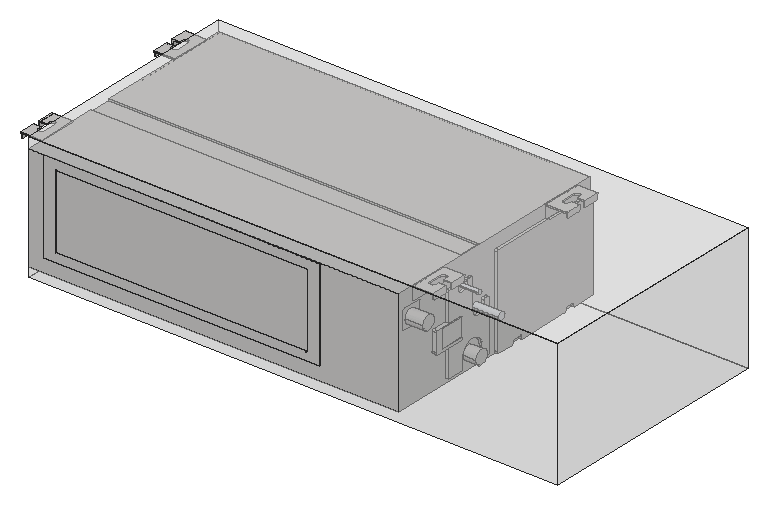
Revit family "outputfile", category 機械設備, Revit 2024
Family settings
  丸型コネクタ寸法 = 半径を使用
  パーツ タイプ = 標準
  OmniClass 番号 = 23.75.10.24.21.27.27
  OmniClass タイトル = Split System Air Conditioning Units
  作業面ベース = いいえ
  常に垂直 = はい
  ロード時にボイドで切り取り = いいえ
  注釈の向きを維持 = いいえ
  共有 = いいえ
  部屋計算ポイント = はい
Parameters (values of type "FPDAQ20APVM")
  Description = ""
  製造元 = "Daikin"
  書き出し IFC クラス(タイプ) = "IfcUnitaryEquipmentType"
  定義済み IFC タイプ(タイプ) = "AIRCONDITIONINGUNIT"
  Cost = 0
  モデル = "FPDAQ20APVM"
  Type Comments = ""
  Keynote = ""
  Type Image = (empty or 0)
  Assembly Code = ""
  lw_suctionflange = 36.75 mm  # constant formula
  r_Liquid Pipe Size = Liquid Pipe Size / 2  # 3.2 mm
  r_Gas Pipe Size = Gas Pipe Size / 2  # 6.35 mm
  r_Drain Pipe Size = Drain Pipe Size / 2  # 13.0 mm
  lw_dischargeflange = 60.0 mm  # constant formula
  lw_SA_left = 351.0 mm
  lw_SA = Width - 178.0 mm  # 522.0 mm
  lw_RA = 624.5 mm
  lh_suctionflange [instance] = if(Rear Connection_Return Air, -100.0 mm, -10.0 mm)  # -100.0 mm
  lh_power = 100.0 mm  # constant formula
  lh_mountinghole1 = lh_mountinghole  # 200.0 mm
  lh_dischargeflange = 112.0 mm  # constant formula
  lh_RA = 198.0 mm  # constant formula
  ld_dischargeflange = 225.0 mm  # constant formula
  ld_suctionflange [instance] = if(Rear Connection_Return Air, 190.0 mm, 100.0 mm)  # 190.0 mm
  angle_vertical_RA [instance] = if(Rear Connection_Return Air, 90.00°, 0.00°)  # 90.00°
  angle horizontal_RA [instance] = if(Rear Connection_Return Air, 180.00°, 270.00°)  # 180.00°
  Voltage_comment_60Hz = "220-230"
  Voltage_comment_50Hz = "220 - 240"
  Voltage_60Hz = 220 V
  Voltage_50Hz = 230 V
  URL = ""
  Supply Air Direction [instance] = yes
  Sound Power Level_H speed (dB) = 0
  Rear Connection_Return Air [instance] = not(Bottom Connection_Return Air)  # yes
  ld_RA = 190.0 mm  # constant formula
  Phase_60Hz = 1
  Phase_50Hz = 1
  Minimum External Static Pressure = 0.00 Pa
  Minimum Circuit Amps_60Hz = 0.38 A
  Minimum Circuit Amps_50Hz = 0.38 A
  Maximum Fuse Amps_60Hz = 16.0 A
  Maximum Fuse Amps_50Hz = 16.0 A
  Maximum External Static Pressure = 10.00 Pa
  Material_Casing = DAIKIN_GalvanizedSteel_Casing_indoorunit
  lw_mountinghole = 740.0 mm
  lh_gaspipe = -98.0 mm  # constant formula
  lh_mountinghole = 200.0 mm  # constant formula
  lh_liquidpipe = -45.5 mm  # constant formula
  lh_drainpipe = -50.0 mm  # constant formula
  lh_antena = 1.0 mm  # constant formula
  ld_drainpipe = 197.0 mm  # constant formula
  ld_liquidpipe = 84.0 mm  # constant formula
  ld_gaspipe = 46.5 mm  # constant formula
  ld_mountinghole = 315.0 mm  # constant formula
  h*** = 100.0 mm  # constant formula
  lw_liquidpipe = 40.0 mm  # constant formula
  lw_gaspipe = 51.0 mm  # constant formula
  lw_drainpipe = 33.0 mm  # constant formula
  Width = 700.0 mm
  Version = "ver.1.0"
  Unit Type = "3D Air Flow Ceiling Mounted Duct Type"
  Unit Mass Weight = 17.00 kg
  Unit Designation [instance] = ""
  Uniclass2015Version = "Products v1.30"
  Uniclass2015Title = "Variable refrigerant flow units"
  Uniclass2015Code = "Pr_70_65_03_94"
  Total Cooling Capacity [instance] = 0.000 kW
  Sound Pressure Level_M speed (dBA) = 27
  Sound Pressure Level_L speed (dBA) = 24
  Sound Pressure Level_H speed (dBA) = 31
  Series = "VRV HOME_Fan Coil Unit"
  Sensible Cooling Capacity [instance] = 0.000 kW
  SA Duct Size Width = 456.0 mm
  SA Duct Size Height = 141.0 mm
  Refrigerant Type = "R410A"
  RA Duct Size Width = 598.5 mm
  RA Duct Size Height = 172.0 mm
  Power Input (Cooling) = 0.028 kW
  Option Accessory 3 [instance] = ""
  Option Accessory 2 [instance] = ""
  Option Accessory 1 [instance] = ""
  Nominal Cooling Capacity = 2.200 kW
  Minimum Airflow = 390.00 m³/h
  Median Airflow = 456.00 m³/h
  Maximum Airflow = 522.00 m³/h
  Load Classification = HVAC
  Liquid Pipe Size = 6.4 mm
  Link_Nested Family [instance] = ""
  IfcVersion = ""
  IfcExportType = "AIRCONDITIONINGUNIT"
  IfcExportAs = "IfcUnitaryEquipmentType"
  Height = 200.0 mm
  Heat Exchanger Type = "Cross Fin Coil"
  Gas Pipe Size = 12.7 mm
  Frequency_60Hz = 60 Hz
  Frequency_50Hz = 50 Hz
  Fan Type = "Sirocco Fan"
  Fan Drive = "Direct Drive"
  FCU Tag No. [instance] = ""
  Drain Pipe Size = 26.0 mm
  Design Supply Airflow [instance] = 0.00 m³/h
  Design Return Airflow [instance] = 0.00 m³/h
  Design External Static Pressure [instance] = 0.00 Pa
  Depth = 450.0 mm
  既定の高さ = 0.0 mm
  Cooling Entering Wet Bulb Temperature [instance] = 0.00 °C
  Cooling Entering Dry Bulb Temperature [instance] = 0.00 °C
  Cooling Ambient Wet Bulb Temperature [instance] = 0.00 °C
  Cooling Ambient Dry Bulb Temperature [instance] = 0.00 °C
  Clearance visibility [instance] = yes
  Clearance Top = 20.0 mm
  Clearance Right = 300.0 mm
  Clearance Rear = 0.0 mm
  Clearance Left = 0.0 mm
  Clearance Front = 0.0 mm
  Clearance Bottom = 20.0 mm
  Bottom Connection_Return Air [instance] = no
  left_pipe = no
Reference planes
  plane 1 "Center (Front/Back)": y = 0
  plane 2 "h": z = 0
  plane 3 "Center (Left/Right)": x = 0
  plane 4 "Back": y = 225
  plane 5 "Front": y = -225
  plane 6 "Left": x = -350
  plane 7 "Reight": x = 350
  plane 8 "Top": z = 0
  plane 9 "Bottom": z = -200
  plane 10: z = 1.2
  plane 11: z = -2
  plane 12: y = -136.255
  plane 13: z = -130.998
  plane 14: y = -88.831
  plane 15: x = -370
  plane 16 "lh_mountinghole": z = 0
  plane 17: y = -197
  plane 18: z = -50
  plane 19: y = -157.5
  plane 20: y = 157.5
  plane 21 "ld_liquidpipe": y = -84
  plane 22 "ld_gaspipe": y = -46.5
  plane 23: y = -215
  plane 24 "ld_maintenacesocket": y = -197
  plane 25: x = -370
  plane 26: x = -350
  plane 27: x = 348.7
  plane 28: x = 383
  plane 29: x = 357
  plane 30: x = 360
  plane 31: x = 358
  plane 32: x = 370
  plane 33: y = -62
  plane 34: x = 375.5
  plane 35: x = 348
  plane 36: y = 225
  plane 37: y = -225
  plane 38: x = -350
  plane 39: x = 650
  plane 40: z = 20
  plane 41: z = -220
  plane 42: y = 250
  plane 43: z = -198
  plane 44: z = 205.102
  plane 45 "d_liquid_pipe": x = 390
  plane 46 "d_gas_pipe": x = 401
  plane 47 "ld_SA": y = -225
  plane 48: x = -350
  plane 49: x = -60
  plane 50: y = 415
  plane 51: z = -88
  plane 52: z = -189.5
  plane 53: x = -349
  plane 54: z = -199
  plane 55: z = -1
  plane 56: y = 35
  plane 57: y = 25
  plane 58: z = -10
  plane 59 "RA_width": x = -36.75
  plane 60: y = 125
  plane 61 "RA_depth": y = 35
  plane 62: z = -100
  plane 63: x = -349
  plane 64: y = 224
  plane 65: x = 242.57
  plane 66: z = -31.16
  plane 67: x = 302
  plane 68: y = 158.8
  plane 69 "h86.5": z = -113.5
  plane 70: y = 111
Forms (mm)
  Extrusion 1, solid, material "DAIKIN_GalvanizedSteel_Casing_indoorunit" <- "Material_Casing"
    sketch origin (0, 0, 0) x (1, 0, 0) y (0, 1, 0)
      loop
        line (-350, 225) -> (-350, -225) -> (350, -225) -> (350, 225) -> (-350, 225)
    from -200 to 0
  Extrusion 2, solid, material "DAIKIN_GalvanizedSteel_Casing_indoorunit" <- "Material_Casing"
    sketch origin (0, 0.312, 0) x (0, 1, 0) y (0, 0, 1)
      loop
        line (182.791, -198) -> (224.688, -198) -> (224.688, -22.445) -> (195.656, -22.445) -> (192.165, -25.937) -> (122.336, -25.937) -> (118.844, -22.445) -> (1.633, -22.445)
        arc (1.633, -22.445) -> (-0.483, -23.322) -> (-1.36, -25.438) r 2.993
        line (-1.36, -25.438) -> (-1.36, -195.007)
        arc (-1.36, -195.007) -> (-0.483, -197.123) -> (1.633, -198) r 2.993
        line (1.633, -198) -> (31.061, -198)
        arc (31.061, -198) -> (33.177, -197.124) -> (34.053, -195.008) r 2.992
        line (34.053, -195.008) -> (34.053, -188.29)
        arc (34.053, -188.29) -> (35.55, -186.794) -> (37.046, -188.29) r 1.496
        line (37.046, -188.29) -> (37.046, -190.333) -> (52.01, -190.333) -> (52.01, -188.29)
        arc (52.01, -188.29) -> (53.506, -186.794) -> (55.002, -188.29) r 1.496
        line (55.002, -188.29) -> (55.002, -195.007)
        arc (55.002, -195.007) -> (55.879, -197.123) -> (57.995, -198) r 2.993
        line (57.995, -198) -> (155.756, -198)
        arc (155.756, -198) -> (157.872, -197.123) -> (158.749, -195.007) r 2.993
        line (158.749, -195.007) -> (158.749, -188.29)
        arc (158.749, -188.29) -> (160.245, -186.794) -> (161.741, -188.29) r 1.496
        line (161.741, -188.29) -> (161.741, -190.333) -> (176.705, -190.333) -> (176.705, -188.29)
        arc (176.705, -188.29) -> (178.201, -186.794) -> (179.697, -188.29) r 1.496
        line (179.697, -188.29) -> (179.697, -195.005)
        arc (179.697, -195.005) -> (180.571, -197.115) -> (182.682, -197.989) r 2.984
      loop
        arc (-61.313, -42.952) -> (-62.034, -41.571) -> (-63.466, -40.958) r 2.32
        line (-63.466, -40.958) -> (-70.317, -40.958)
        arc (-70.317, -40.958) -> (-71.728, -41.542) -> (-72.313, -42.953) r 1.995
        line (-72.313, -42.953) -> (-72.313, -45.5)
        arc (-72.313, -45.5) -> (-84.313, -57.5) -> (-96.313, -45.5) r 12
        line (-96.313, -45.5) -> (-96.313, -42.953)
        arc (-96.313, -42.953) -> (-96.897, -41.542) -> (-98.308, -40.958) r 1.995
        line (-98.308, -40.958) -> (-115.14, -40.958)
        arc (-115.14, -40.958) -> (-116.551, -41.542) -> (-117.135, -42.953) r 1.995
        line (-117.135, -42.953) -> (-117.135, -189.5) -> (-22.307, -189.5) -> (-22.307, -92.768)
        arc (-22.307, -92.768) -> (-22.891, -91.358) -> (-24.302, -90.773) r 1.995
        line (-24.302, -90.773) -> (-30.318, -90.773)
        arc (-30.318, -90.773) -> (-31.728, -91.358) -> (-32.313, -92.768) r 1.995
        line (-32.313, -92.768) -> (-32.313, -99.963)
        arc (-32.313, -99.963) -> (-47.621, -112.774) -> (-61.313, -98.249) r 14.551
        line (-61.313, -98.249) -> (-61.313, -42.952)
    from 350 to 357
  Extrusion 3, solid, material "DAIKIN_GalvanizedSteel_Casing_indoorunit" <- "Material_Casing"
    sketch origin (0, 0, 0) x (0, 1, 0) y (0, 0, 1)
      loop
        line (-91.821, -94.277) -> (-145.472, -94.277)
        arc (-145.472, -94.277) -> (-147.727, -95.07) -> (-148.682, -97.262) r 2.993
        line (-148.682, -97.262) -> (-148.682, -131.007)
        arc (-148.682, -131.007) -> (-147.871, -133.233) -> (-145.694, -134.172) r 2.993
        line (-145.694, -134.172) -> (-92.043, -134.172)
        arc (-92.043, -134.172) -> (-89.788, -133.378) -> (-88.833, -131.187) r 2.993
        line (-88.833, -131.187) -> (-88.831, -97.148)
        arc (-88.831, -97.148) -> (-89.748, -95.111) -> (-91.821, -94.277) r 2.993
    from 350 to 360
  Extrusion 4, void
    sketch origin (0, 0, 0) x (1, 0, 0) y (0, 1, 0)
      loop
        line (348.7, -35.647) -> (-350, -35.647) -> (-350, -77.912) -> (348.7, -77.912) -> (348.7, -35.647)
    from -2 to 0
  Extrusion 5, void
    sketch origin (0, 0, 0) x (0, 1, 0) y (0, 0, 1)
      loop
        line (-136.255, -95.719) -> (-136.255, -130.724) -> (-88.831, -130.724) -> (-88.831, -95.719) -> (-136.255, -95.719)
    from 358 to 360
  Extrusion 6, void
    sketch origin (0, 0, 29.537) x (0, 1, 0) y (0, 0, 1)
      loop
        arc (-37.558, -199.001) -> (-61.998, -174.561) -> (-86.438, -199.001) r 24.44
        line (-86.438, -199.001) -> (-86.438, -219.037) -> (-37.558, -219.037) -> (-37.558, -199.001)
    from 357 to 350
  Extrusion 7, solid, material "DAIKIN_GalvanizedSteel_Casing_indoorunit" <- "Material_Casing"
    sketch origin (0, 0, 0) x (0, 1, 0) y (0, 0, 1)
      loop
        circle (-62, -170) r 12.968
    from 350 to 375.5
  Extrusion 8, solid, material "DAIKIN_GalvanizedSteel_Casing_indoorunit" <- "Material_Casing"
    sketch origin (0, 0, 0) x (0, 1, 0) y (0, 0, 1)
      loop
        circle (-197, -50) r 13
    from 348 to 383
  Extrusion 9, void
    sketch origin (0, 0, 0) x (0, 1, 0) y (0, 0, 1)
      loop
        arc (-212.961, -29.051) -> (-216.488, -30.512) -> (-217.949, -34.039) r 4.988
        line (-217.949, -34.039) -> (-217.949, -63.961)
        arc (-217.949, -63.961) -> (-216.488, -67.488) -> (-212.961, -68.949) r 4.988
        line (-212.961, -68.949) -> (-181.039, -68.949)
        arc (-181.039, -68.949) -> (-177.512, -67.488) -> (-176.051, -63.961) r 4.988
        line (-176.051, -63.961) -> (-176.051, -34.039)
        arc (-176.051, -34.039) -> (-177.512, -30.512) -> (-181.039, -29.051) r 4.988
        line (-181.039, -29.051) -> (-212.961, -29.051)
    from 348 to 350
  Extrusion 10, solid
    sketch origin (0, 0, 0) x (0, 1, 0) y (0, 0, 1)
      loop
        circle (-84, -45.5) r 3.2
    from 350 to 390
  Extrusion 11, solid
    sketch origin (0, 0, 0) x (0, 1, 0) y (0, 0, 1)
      loop
        circle (-46.5, -98) r 6.35
    from 350 to 401
  Extrusion 12, solid, material "DAIKIN_GalvanizedSteel_Casing_indoorunit" <- "Material_Casing"
    sketch origin (0, 0, 0) x (1, 0, 0) y (0, 1, 0)
      loop
        circle (302, 158.8) r 25
    from -198 to -200
  Extrusion 13, void
    sketch origin (0, 0, 0) x (1, 0, 0) y (0, 0, 1)
      loop
        line (-349, -1) -> (-349, -199) -> (262.5, -199) -> (262.5, -1) -> (-349, -1)
    from -225 to -35
  Extrusion 14, void
    sketch origin (0, 0, 0) x (1, 0, 0) y (0, 1, 0)
      loop
        line (-349, 224) -> (-349, 26) -> (262.5, 26) -> (262.5, 224) -> (-349, 224)
    from -200 to -10
  Extrusion 15, solid, material "DAIKIN_GalvanizedSteel_Casing_indoorunit" <- "Material_Casing", visible <- "Rear Connection_Return Air"
    sketch origin (0, 0, 0) x (1, 0, 0) y (0, 1, 0)
      loop
        line (262.5, 224) -> (-349, 224) -> (-349, 26) -> (262.5, 26) -> (262.5, 224)
    from -200 to -199
  Extrusion 16, solid, material "DAIKIN_GalvanizedSteel_Casing_indoorunit" <- "Material_Casing", visible <- "Bottom Connection_Return Air"
    sketch origin (0, 0, 0) x (1, 0, 0) y (0, 0, 1)
      loop
        line (262.5, -1) -> (-349, -1) -> (-349, -199) -> (262.5, -199) -> (262.5, -1)
    from -225 to -215
  Extrusion 17, void
    sketch origin (-350, 0, 0) x (0, 1, 0) y (0, 0, 1)
      loop
        line (152, -88.5) -> (70, -88.5) -> (70, -138.5) -> (152, -138.5) -> (152, -88.5)
    from 0 to 0.5
  Revolve 18, solid, material "DAIKIN_GalvanizedSteel_Casing_indoorunit" <- "Material_Casing", visible <- "left_pipe"
    sketch origin (0, 0, -113.5) x (0, 1, 0) y (-1, 0, 0)
      loop
        line (111, 349.5) -> (111, 373) -> (103.5, 373) -> (103.5, 359) -> (93.5, 359) -> (93.5, 357.5) -> (90, 357.5) -> (90, 349.5) -> (111, 349.5)
      axis (111, 373) -> (111, 349.5)
    angle from 0 to 360
Cuts and joins
  Extrusion 4, Extrusion 5, Extrusion 9, Extrusion 13, Extrusion 14, Extrusion 17 cuts Extrusion 1
  Extrusion 5 cuts Extrusion 3
  Extrusion 6 cuts Extrusion 2
  Extrusion 13 cuts Extrusion 8
Dimensions and locks
  "Height": plane 8 "Top" to plane 9 "Bottom"
  locked: plane 10 to plane 8 "Top" at 1.2
  locked: plane 8 "Top" to plane 11 at 2
  locked: Extrusion 6 sketch curve to Extrusion 6 sketch curve at 48.881
  locked: Extrusion 6 sketch curve to Extrusion 6 sketch curve at 20.035  (x2)
  equal spacing: plane 19, plane 1 "Center (Front/Back)", plane 20
  "ld_mountinghole": plane 19 to plane 20
  "ld_gaspipe": plane 22 "ld_gaspipe" to plane 1 "Center (Front/Back)"
  "ld_liquidpipe": plane 21 "ld_liquidpipe" to plane 1 "Center (Front/Back)"
  "ld_drainpipe": plane 24 "ld_maintenacesocket" to plane 1 "Center (Front/Back)"
  equal spacing: plane 4 "Back", plane 1 "Center (Front/Back)", plane 5 "Front"
  "Depth": plane 4 "Back" to plane 5 "Front"
  locked: plane 12 to plane 1 "Center (Front/Back)" at 136.255
  locked: plane 12 to plane 14 at 47.425
  locked: plane 14 to plane 1 "Center (Front/Back)" at 88.831
  locked: plane 13 to plane 9 "Bottom" at 69.002
  equal spacing: plane 6 "Left", plane 3 "Center (Left/Right)", plane 7 "Reight"
  "Width": plane 6 "Left" to plane 7 "Reight"
  "lw_drainpipe": plane 7 "Reight" to plane 28
  locked: plane 7 "Reight" to plane 29 at 7
  locked: plane 30 to plane 28 at 23
  locked: plane 31 to plane 28 at 25
  equal spacing: plane 25, plane 3 "Center (Left/Right)", plane 32
  "lw_mountinghole": plane 25 to plane 32
  locked: plane 7 "Reight" to plane 34 at 25.5
  locked: plane 35 to plane 7 "Reight" at 2
  "Clearance Left": plane 38 to plane 6 "Left"
  "Clearance Right": plane 7 "Reight" to plane 39
  "Clearance Rear": plane 36 to plane 4 "Back"
  "Clearance Front": plane 5 "Front" to plane 37
  "Clearance Top": plane 40 to plane 8 "Top"
  "Clearance Bottom": plane 9 "Bottom" to plane 41
  locked: plane 42 to plane 4 "Back" at 25
  locked: plane 27 to plane 7 "Reight" at 1.3
  locked: plane 43 to plane 9 "Bottom" at 2
  "lw_liquidpipe": plane 7 "Reight" to plane 45 "d_liquid_pipe"
  "lw_gaspipe": plane 7 "Reight" to plane 46 "d_gas_pipe"
  "lh_mountinghole": plane 16 "lh_mountinghole" to plane 9 "Bottom"
  "ld_suctionflange": plane 50 to plane 4 "Back"
  "lw_dischargeflange": plane 49 to plane 3 "Center (Left/Right)"
  "lh_dischargeflange": plane 51 to plane 9 "Bottom"
  locked: plane 52 to plane 9 "Bottom" at 10.5
  locked: plane 33 to plane 1 "Center (Front/Back)" at 62
  locked: plane 8 "Top" to plane 55 at 1
  locked: plane 53 to plane 6 "Left" at 1
  locked: plane 54 to plane 9 "Bottom" at 1
  locked: plane 58 to plane 9 "Bottom" at 190
  locked: plane 4 "Back" to plane 56 at 190
  locked: plane 4 "Back" to plane 57 at 200
  locked: plane 4 "Back" to plane 60 at 100
  "lw_suctionflange": plane 59 "RA_width" to plane 3 "Center (Left/Right)"
  "ld_suctionflange": plane 4 "Back" to plane 61 "RA_depth"
  "lh_power": plane 62 to plane 9 "Bottom"
  locked: plane 48 to plane 63 at 1
  locked: plane 36 to plane 64 at 1
  locked: plane 8 "Top" to plane 66 at 31.16
  locked: plane 7 "Reight" to plane 65 at 107.43
  locked: plane 18 to plane 9 "Bottom" at 150
  locked: plane 67 to plane 7 "Reight" at 48
  locked: Extrusion 17 sketch curve to Extrusion 17 sketch curve at 82
  locked: Extrusion 17 sketch curve to Extrusion 17 sketch curve at 50
  locked: plane 4 "Back" to Extrusion 17 sketch curve at 73
  locked: Extrusion 17 sketch curve to plane 9 "Bottom" at 61.5
  locked: plane 69 "h86.5" to plane 9 "Bottom" at 86.5
  locked: plane 4 "Back" to plane 70 at 114
  locked: plane 70 to Revolve 18 sketch curve at 21
  locked: plane 70 to Revolve 18 sketch curve at 17.5
  locked: plane 70 to Revolve 18 sketch curve at 7.5
  locked: Revolve 18 sketch curve to plane 6 "Left" at 23
  cut or joined group of Extrusion 1, Extrusion 4, Extrusion 5, Extrusion 9, Extrusion 13, Extrusion 14, Extrusion 17 to nested 16 = 598.5 mm
  nested 16 to nested 9 = 14.0 mm
  nested 16 to cut or joined group of Extrusion 1, Extrusion 4, Extrusion 5, Extrusion 9, Extrusion 13, Extrusion 14, Extrusion 17 = 13.0 mm
  "ld_dischargeflange": plane 47 "ld_SA" to plane 1 "Center (Front/Back)"
  plane 4 "Back" to plane 68 = 66.2 mm
  "Drain Pipe Size": diameter of Extrusion 8 sketch curve
  "Liquid Pipe Size": diameter of Extrusion 10 sketch curve
  "Gas Pipe Size": diameter of Extrusion 11 sketch curve
  aligned and locked: level to plane 2 "h"
  aligned and locked: plane 8 "Top" to Extrusion 1
  aligned and locked: Extrusion 1 to plane 9 "Bottom"
  aligned and locked: cut or joined group of Extrusion 1, Extrusion 4, Extrusion 5, Extrusion 9, Extrusion 13, Extrusion 14, Extrusion 17 to plane 8 "Top"
  aligned and locked: Extrusion 4 to plane 11
  aligned and locked: plane 8 "Top" to Extrusion 4
  aligned and locked: Extrusion 3 to Extrusion 5
  aligned and locked: plane 14 to Extrusion 5 sketch curve
  aligned and locked: Extrusion 5 sketch curve to plane 12
  aligned and locked: plane 19 to nested 1
  aligned and locked: nested 3 to plane 19
  aligned and locked: nested 2 to plane 20
  aligned and locked: nested 4 to plane 22 "ld_gaspipe"
  aligned and locked: nested 5 to plane 21 "ld_liquidpipe"
  aligned and locked: nested 6 to plane 24 "ld_maintenacesocket"
  aligned and locked: plane 4 "Back" to cut or joined group of Extrusion 2, Extrusion 6
  aligned and locked: nested 1 to plane 7 "Reight"
  aligned and locked: plane 6 "Left" to plane 26
  aligned and locked: Extrusion 4 sketch curve to plane 26
  aligned and locked: Extrusion 4 sketch curve to plane 27
  aligned and locked: cut or joined group of Extrusion 1, Extrusion 4, Extrusion 5, Extrusion 9, Extrusion 13, Extrusion 14, Extrusion 17 to plane 6 "Left"
  aligned and locked: plane 7 "Reight" to cut or joined group of Extrusion 1, Extrusion 4, Extrusion 5, Extrusion 9, Extrusion 13, Extrusion 14, Extrusion 17
  aligned and locked: plane 28 to Extrusion 8
  aligned and locked: Extrusion 8 to plane 28  (x2)
  aligned and locked: cut or joined group of Extrusion 2, Extrusion 6 to plane 29
  aligned and locked: plane 29 to cut or joined group of Extrusion 2, Extrusion 6  (x3)
  aligned and locked: plane 7 "Reight" to nested 1
  aligned and locked: cut or joined group of Extrusion 2, Extrusion 6 to plane 7 "Reight"
  aligned and locked: Extrusion 2 to Extrusion 6
  aligned and locked: Extrusion 6 to plane 7 "Reight"
  aligned and locked: plane 30 to cut or joined group of Extrusion 3, Extrusion 5
  aligned and locked: cut or joined group of Extrusion 3, Extrusion 5 to plane 31
  aligned and locked: nested 2 to plane 6 "Left"
  aligned and locked: nested 3 to plane 6 "Left"
  aligned and locked: plane 33 to Extrusion 7 sketch curve
  aligned and locked: Extrusion 7 to plane 7 "Reight"
  aligned and locked: plane 34 to Extrusion 7
  aligned and locked: Extrusion 3 to plane 7 "Reight"
  aligned and locked: plane 7 "Reight" to Extrusion 9
  aligned and locked: plane 35 to Extrusion 9
  aligned and locked: plane 35 to Extrusion 8
  aligned and locked: plane 20 to nested 7
  aligned and locked: plane 3 "Center (Left/Right)" to nested 8
  aligned and locked: plane 1 "Center (Front/Back)" to nested 8
  aligned and locked: plane 7 "Reight" to nested 7
  aligned and locked: plane 4 "Back" to cut or joined group of Extrusion 1, Extrusion 4, Extrusion 5, Extrusion 9, Extrusion 13, Extrusion 14, Extrusion 17
  aligned and locked: nested 9 to plane 37
  aligned and locked: plane 38 to nested 9
  aligned and locked: plane 39 to nested 9
  aligned and locked: nested 9 to plane 38
  aligned and locked: plane 36 to nested 9
  aligned and locked: plane 40 to nested 9
  aligned and locked: plane 41 to nested 9
  aligned and locked: cut or joined group of Extrusion 1, Extrusion 4, Extrusion 5, Extrusion 9, Extrusion 13, Extrusion 14, Extrusion 17 to plane 9 "Bottom"
  aligned and locked: Extrusion 10 to plane 7 "Reight"
  aligned and locked: plane 45 "d_liquid_pipe" to Extrusion 10
  aligned and locked: plane 22 "ld_gaspipe" to Extrusion 11 sketch curve
  aligned and locked: Extrusion 11 to plane 7 "Reight"
  aligned and locked: plane 46 "d_gas_pipe" to Extrusion 11
  aligned and locked: plane 46 "d_gas_pipe" to nested 4
  aligned and locked: plane 45 "d_liquid_pipe" to nested 5
  aligned and locked: plane 21 "ld_liquidpipe" to Extrusion 10 sketch curve
  aligned and locked: plane 16 "lh_mountinghole" to nested 3
  aligned and locked: plane 16 "lh_mountinghole" to nested 2
  aligned and locked: plane 16 "lh_mountinghole" to nested 1
  aligned and locked: plane 16 "lh_mountinghole" to nested 7
  aligned and locked: plane 32 to nested 10
  aligned and locked: plane 19 to nested 10
  aligned and locked: plane 32 to nested 13
  aligned and locked: plane 20 to nested 13
  aligned and locked: plane 25 to nested 11
  aligned and locked: plane 20 to nested 11
  aligned and locked: plane 25 to nested 12
  aligned and locked: plane 19 to nested 12
  aligned and locked: plane 49 to nested 14
  aligned and locked: plane 51 to nested 14
  aligned and locked: plane 20 to nested 15
  aligned and locked: plane 52 to Extrusion 2 sketch curve
  aligned and locked: cut or joined group of Extrusion 2, Extrusion 6 to Extrusion 12
  aligned and locked: Extrusion 12 to plane 9 "Bottom"
  aligned and locked: nested 15 to plane 9 "Bottom"
  aligned and locked: Extrusion 2 sketch curve to plane 43  (x3)
  aligned and locked: plane 53 to Extrusion 13 sketch curve
  aligned and locked: Extrusion 13 sketch curve to plane 55
  aligned and locked: plane 54 to Extrusion 13 sketch curve
  aligned and locked: plane 4 "Back" to Extrusion 13
  aligned and locked: nested 16 to cut or joined group of Extrusion 1, Extrusion 4, Extrusion 5, Extrusion 9, Extrusion 13, Extrusion 14, Extrusion 17
  aligned and locked: Extrusion 14 to plane 9 "Bottom"
  aligned and locked: plane 58 to Extrusion 14
  aligned and locked: Extrusion 15 sketch curve to cut or joined group of Extrusion 1, Extrusion 4, Extrusion 5, Extrusion 9, Extrusion 13, Extrusion 14, Extrusion 17  (x2)
  aligned and locked: cut or joined group of Extrusion 1, Extrusion 4, Extrusion 5, Extrusion 9, Extrusion 13, Extrusion 14, Extrusion 17 to Extrusion 15 sketch curve
  aligned and locked: Extrusion 15 to plane 9 "Bottom"
  aligned and locked: Extrusion 13 to plane 56
  aligned and locked: Extrusion 16 sketch curve to cut or joined group of Extrusion 1, Extrusion 4, Extrusion 5, Extrusion 9, Extrusion 13, Extrusion 14, Extrusion 17  (x3)
  aligned and locked: plane 4 "Back" to Extrusion 16
  aligned and locked: Extrusion 15 to cut or joined group of Extrusion 1, Extrusion 4, Extrusion 5, Extrusion 9, Extrusion 13, Extrusion 14, Extrusion 17
  aligned and locked: plane 7 "Reight" to nested 6
  aligned and locked: plane 24 "ld_maintenacesocket" to nested 6
  aligned and locked: plane 61 "RA_depth" to nested 17
  aligned and locked: plane 67 to Extrusion 12 sketch curve
  aligned and locked: plane 68 to Extrusion 12 sketch curve
  aligned and locked: plane 67 to nested 15
  aligned and locked: nested 18 to Extrusion 16
  aligned and locked: plane 70 to Revolve 18 sketch curve
  aligned and locked: plane 49 to nested 19
  aligned and locked: plane 47 "ld_SA" to nested 19
  aligned and locked: plane 1 "Center (Front/Back)" to nested 14
  aligned and locked: nested 19 to plane 51
Automatic sketch dimensions
  Extrusion 3 sketch curve to Extrusion 3 sketch curve = 0.217 mm  (x2)
  Extrusion 3 sketch curve to Extrusion 3 sketch curve = 2.985 mm  (x2)
  Extrusion 3 sketch curve to Extrusion 3 sketch curve = 53.651 mm
  Extrusion 3 sketch curve to Extrusion 3 sketch curve = 2.988 mm
  Extrusion 3 sketch curve to Extrusion 3 sketch curve = 0.172 mm
  Extrusion 3 sketch curve to Extrusion 3 sketch curve = 0.222 mm
  Extrusion 3 sketch curve to Extrusion 3 sketch curve = 2.993 mm
  Extrusion 3 sketch curve to Extrusion 3 sketch curve = 0.008 mm
  plane 1 "Center (Front/Back)" to Extrusion 4 sketch curve = 77.912 mm
  plane 1 "Center (Front/Back)" to Extrusion 4 sketch curve = 35.647 mm
  plane 9 "Bottom" to Extrusion 7 sketch curve = 30.0 mm
  Extrusion 3 sketch curve to Extrusion 3 sketch curve = 2.99 mm
  plane 9 "Bottom" to Extrusion 3 sketch curve = 65.828 mm
  Extrusion 3 sketch curve to Extrusion 3 sketch curve = 33.917 mm
  Extrusion 3 sketch curve to Extrusion 3 sketch curve = 33.745 mm
  Extrusion 3 sketch curve to plane 19 = 8.818 mm
  plane 23 to Extrusion 1 sketch curve = 10.0 mm
  Extrusion 1 sketch curve to plane 6 "Left" = 0.0 mm
  Extrusion 1 sketch curve to plane 7 "Reight" = 0.0 mm
  plane 23 to Extrusion 9 sketch curve = 2.949 mm
  Extrusion 9 sketch curve to plane 23 = 2.039 mm  (x2)
  Extrusion 9 sketch curve to plane 24 "ld_maintenacesocket" = 15.961 mm
  Extrusion 9 sketch curve to Extrusion 9 sketch curve = 4.988 mm  (x2)
  Extrusion 1 sketch curve to plane 4 "Back" = 0.0 mm
  plane 21 "ld_liquidpipe" to Extrusion 6 sketch curve = 2.438 mm
  plane 43 to Extrusion 6 sketch curve = 8.5 mm
  plane 6 "Left" to Extrusion 14 sketch curve = 1.0 mm
  Extrusion 14 sketch curve to plane 7 "Reight" = 87.5 mm
  Extrusion 14 sketch curve to plane 4 "Back" = 1.0 mm
  Extrusion 15 sketch curve to plane 4 "Back" = 1.0 mm
  plane 51 to Extrusion 5 sketch curve = 7.719 mm
  Extrusion 9 sketch curve to plane 51 = 19.051 mm
  Extrusion 9 sketch curve to plane 58 = 24.039 mm
  Extrusion 10 sketch curve to plane 58 = 35.5 mm
  plane 35 to Extrusion 16 sketch curve = 85.5 mm
  plane 35 to Extrusion 13 sketch curve = 85.5 mm
  plane 57 to Extrusion 14 sketch curve = 1.0 mm
  Extrusion 8 sketch curve to plane 17 = 0.0 mm
  Extrusion 8 sketch curve to plane 18 = 0.0 mm
  plane 62 to Extrusion 11 sketch curve = 2.0 mm
  plane 13 to Extrusion 5 sketch curve = 0.274 mm
  Revolve 18 sketch curve to plane 70 = 0.0 mm
  plane 6 "Left" to Revolve 18 sketch curve = 0.5 mm
  Revolve 18 sketch curve to Revolve 18 sketch curve = 24.26 mm
  Revolve 18 sketch curve to Revolve 18 sketch curve = 20.32 mm
  Extrusion 2 sketch curve to plane 4 "Back" = 0.0 mm
  plane 66 to Extrusion 2 sketch curve = 5.223 mm
  Extrusion 2 sketch curve to plane 4 "Back" = 32.523 mm
  plane 43 to Extrusion 2 sketch curve = 2.995 mm
  Extrusion 2 sketch curve to plane 20 = 25.494 mm
  plane 52 to Extrusion 2 sketch curve = 1.21 mm  (x4)
  Extrusion 2 sketch curve to Extrusion 2 sketch curve = 2.984 mm
  Extrusion 2 sketch curve to Extrusion 2 sketch curve = 1.496 mm  (x3)
  Extrusion 2 sketch curve to plane 52 = 0.833 mm  (x2)
  Extrusion 2 sketch curve to plane 20 = 4.554 mm
  plane 20 to Extrusion 2 sketch curve = 1.432 mm
  Extrusion 2 sketch curve to plane 60 = 2.352 mm
  Extrusion 2 sketch curve to Extrusion 2 sketch curve = 3.492 mm
  plane 43 to Extrusion 2 sketch curve = 2.993 mm
  plane 56 to Extrusion 2 sketch curve = 23.307 mm
  plane 56 to Extrusion 2 sketch curve = 2.359 mm
  plane 56 to Extrusion 2 sketch curve = 0.862 mm
  Extrusion 2 sketch curve to plane 56 = 0.634 mm
  Extrusion 2 sketch curve to Extrusion 2 sketch curve = 2.992 mm
  Extrusion 2 sketch curve to plane 1 "Center (Front/Back)" = 1.945 mm  (x2)
  plane 1 "Center (Front/Back)" to Extrusion 2 sketch curve = 1.047 mm
  Extrusion 2 sketch curve to Extrusion 2 sketch curve = 20.947 mm
  Extrusion 2 sketch curve to Extrusion 2 sketch curve = 1.995 mm  (x4)
  Extrusion 2 sketch curve to Extrusion 2 sketch curve = 6.016 mm
  plane 62 to Extrusion 2 sketch curve = 0.037 mm
  Extrusion 2 sketch curve to plane 22 "ld_gaspipe" = 0.051 mm
  Extrusion 2 sketch curve to plane 66 = 11.792 mm
  Extrusion 2 sketch curve to Extrusion 2 sketch curve = 30.995 mm
  Extrusion 2 sketch curve to Extrusion 2 sketch curve = 2.154 mm
  Extrusion 2 sketch curve to Extrusion 2 sketch curve = 0.144 mm
  Extrusion 2 sketch curve to Extrusion 2 sketch curve = 6.708 mm
  plane 21 "ld_liquidpipe" to Extrusion 2 sketch curve = 0.0 mm
  Extrusion 2 sketch curve to plane 66 = 9.798 mm
  Extrusion 2 sketch curve to Extrusion 2 sketch curve = 16.833 mm
  plane 21 "ld_liquidpipe" to Extrusion 2 sketch curve = 32.823 mm
  plane 51 to Extrusion 2 sketch curve = 4.768 mm
  Extrusion 2 sketch curve to Extrusion 2 sketch curve = 2.547 mm
  Extrusion 2 sketch curve to Extrusion 2 sketch curve = 0.321 mm
  plane 66 to Extrusion 2 sketch curve = 5.722 mm
  Extrusion 2 sketch curve to Extrusion 2 sketch curve = 3.491 mm
  Extrusion 2 sketch curve to Extrusion 2 sketch curve = 0.11 mm
  Extrusion 2 sketch curve to Extrusion 2 sketch curve = 0.0 mm
  plane 66 to Extrusion 2 sketch curve = 8.715 mm
  Revolve 18 sketch curve to Revolve 18 sketch curve = 1.5 mm
  Revolve 18 sketch curve to plane 6 "Left" = 7.5 mm
  radius of Extrusion 7 sketch curve = 12.968 mm
  radius of Extrusion 12 sketch curve = 25.0 mm
Nested families
  nested 1: "daikin_hangerfixture_FPDSQ-APVM" at (350, -157.5, 0), type "daikin_hangerfixture_FPDSQ-APVM"
  nested 2: "daikin_hangerfixture_FPDSQ-APVM" at (-350, 157.5, 0) x (-1, 0, 0) z (0, 0, 1), type "daikin_hangerfixture_FPDSQ-APVM"
  nested 3: "daikin_hangerfixture_FPDSQ-APVM" at (-350, -157.5, 0) x (-1, 0, 0) z (0, 0, 1), type "daikin_hangerfixture_FPDSQ-APVM"
  nested 4: "daikin_connector_rotate2" at (350, -46.5, -98) x (0, 1, 0) z (0, 0, 1), length <- "lw_gaspipe", built-in parameter 1001364 <- "lh_gaspipe", type "daikin_connector_rotate2"
    with radius 6.35 mm, length 51.0 mm, angle_vertical 90.00°
  nested 5: "daikin_connector_rotate2" at (350, -84, -45.5) x (0, 1, 0) z (0, 0, 1), length <- "lw_liquidpipe", built-in parameter 1001364 <- "lh_liquidpipe", type "daikin_connector_rotate2"
    with radius 3.2 mm, length 40.0 mm, angle_vertical 90.00°
  nested 6: "daikin_connector_rotate2" at (350, -197, -50) x (0, 1, 0) z (0, 0, 1), length <- "lw_drainpipe", built-in parameter 1001364 <- "lh_drainpipe", type "daikin_connector_rotate2"
    with radius 13.0 mm, length 33.0 mm, angle_vertical 90.00°
  nested 7: "daikin_hangerfixture_FPDSQ-APVM" at (350, 157.5, 0), type "daikin_hangerfixture_FPDSQ-APVM"
  nested 8: "daikin_△_symbolicline" at (0, 0, 200), built-in parameter 1001364 <- "Height", visible <- "Supply Air Direction", type "daikin_△_symbolicline"
    with length 200.0 mm
  nested 9: "daikin_clearancespace" at (150, 0, -99.881), visible <- "Clearance visibility", show <- "Clearance visibility", Link_Nested Family <- "Link_Nested Family", type "daikin_clearancespace"
    with width 1000.0 mm, show yes, height 240.0 mm, depth 450.0 mm, Link_Nested Family ""
  nested 10: "daikin_mountinghole" at (370, -157.5, -200), l_antenna <- "lh_antena", Link_Nested Family <- "Link_Nested Family", h_mountinghole <- "lh_mountinghole1", type "daikin_mountinghole"
    with show yes, l_antenna 1.0 mm, h_mountinghole 200.0 mm, Link_Nested Family ""
  nested 11: "daikin_mountinghole" at (-370, 157.5, -200), l_antenna <- "lh_antena", Link_Nested Family <- "Link_Nested Family", h_mountinghole <- "lh_mountinghole1", type "daikin_mountinghole"
    with show yes, l_antenna 1.0 mm, h_mountinghole 200.0 mm, Link_Nested Family ""
  nested 12: "daikin_mountinghole" at (-370, -157.5, -200), l_antenna <- "lh_antena", Link_Nested Family <- "Link_Nested Family", h_mountinghole <- "lh_mountinghole1", type "daikin_mountinghole"
    with show yes, l_antenna 1.0 mm, h_mountinghole 200.0 mm, Link_Nested Family ""
  nested 13: "daikin_mountinghole" at (370, 157.5, -200), l_antenna <- "lh_antena", Link_Nested Family <- "Link_Nested Family", h_mountinghole <- "lh_mountinghole1", type "daikin_mountinghole"
    with show yes, l_antenna 1.0 mm, h_mountinghole 200.0 mm, Link_Nested Family ""
  nested 14: "daikin_connector_rotate2" at (-60, 0, -88), length <- "ld_dischargeflange", type "daikin_connector_rotate2"
    with radius 10.0 mm, length 225.0 mm, angle_vertical 90.00°
  nested 15: "daikin_connector_rotate2" at (302, 157.5, -100) x (1, 0, 0) z (0, -1, 0), length <- "lh_power", type "daikin_connector_rotate2"
    with radius 10.0 mm, length 100.0 mm, angle_vertical 90.00°
  nested 16: "daikin_ductflange_FPDSQ-APVM2" at (-36.75, 225, -199), height <- "lh_RA", width <- "lw_RA", visible <- "Rear Connection_Return Air", type "daikin_ductflange_FPDSQ-APVM2"
    with width 624.5 mm, height 198.0 mm, depth 8.188 mm
  nested 17: "daikin_connector_rotate3" at (-36.75, 35, -100), built-in parameter 1001364 <- "lh_suctionflange", length <- "ld_RA", angle_vertical <- "angle_vertical_RA", angle_horizontal <- "angle horizontal_RA", type "daikin_connector_rotate3"
    with show no, radius 10.0 mm, length 190.0 mm, angle_vertical 90.00°, angle_horizontal 180.00°
  nested 18: "daikin_ductflange_FPDSQ-APVM2" at (-36.75, 26, -200) x (1, 0, 0) z (0, 1, 0), width <- "lw_RA", height <- "lh_RA", visible <- "Bottom Connection_Return Air", type "daikin_ductflange_FPDSQ-APVM2"
    with width 624.5 mm, height 198.0 mm, depth 562.323 mm
  nested 19: "daikin_ductflange_FPDSQ-APVM3" at (-60, -225, -187), height <- "lh_RA", width <- "lw_SA", type "daikin_ductflange_FPDSQ-APVM3"
    with width 522.0 mm, height 198.0 mm, depth 1.0 mm
Connectors
  piping at (401, -46.5, -98), diameter 12.7, driven by "r_Gas Pipe Size"
    settings: on nested 4, index 3, connector inside diameter 609.6 mm, connector length 0.0 mm, flow factor 0, pipe flow 0.00 m³/h, pressure drop 0.0 Pa, fitting loss kfactor 0, connector angle 0.00°, fixture units 0, engagement length 0.0 mm, angle of deflection 0.00°, flow configuration 1, flow direction 2, fitting loss method 0, system type 29, joint type 0, gender type 0, connector reference index -1, connector utility 0, adjustable connector no, is connector primary yes, connector description "Refrigerant Gas Piping"
  piping at (390, -84, -45.5), diameter 6.4, driven by "r_Liquid Pipe Size"
    settings: on nested 5, index 4, connector inside diameter 609.6 mm, connector length 0.0 mm, flow factor 0, pipe flow 0.00 m³/h, pressure drop 0.0 Pa, fitting loss kfactor 0, connector angle 0.00°, fixture units 0, engagement length 0.0 mm, angle of deflection 0.00°, flow configuration 1, flow direction 1, fitting loss method 0, system type 29, joint type 0, gender type 0, connector reference index -1, connector utility 0, adjustable connector no, is connector primary no, connector description "Refrigerant Liquid Piping"
  piping at (383, -197, -50), diameter 26, driven by "r_Drain Pipe Size"
    settings: on nested 6, index 5, connector inside diameter 609.6 mm, connector length 0.0 mm, flow factor 0, pipe flow 0.00 m³/h, pressure drop 0.0 Pa, fitting loss kfactor 0, connector angle 0.00°, fixture units 0, engagement length 0.0 mm, angle of deflection 0.00°, flow configuration 1, flow direction 2, fitting loss method 4, system type 16, joint type 0, gender type 0, connector reference index -1, connector utility 0, adjustable connector no, is connector primary no, connector description "Condensate Drain Piping"
  electrical at (302, 157.5, -200), driven by "Load Classification"
    settings: on nested 15, index 12, voltage 0 V, apparent load 0 VA, apparent load phase1 0 VA, apparent load phase2 0 VA, apparent load phase3 0 VA, power factor 1, load classification "HVAC", number of poles 1, system type 30, power factor state 1, is connector primary yes, connector utility no, sub classification motor no, connector description "Power Supply"
  hvac at (-36.75, 225, -100), driven by "RA Duct Size Height", driven by "RA Duct Size Width"
    settings: on nested 17, index 13, duct flow 0.00 m³/h, flow factor 0, pres drop 0.00 Pa, loss coef 0, conn angle 0.00°, conn width 598.5 mm, conn height 172.0 mm, conn diameter 609.6 mm, duct sys type 2, conn prof type 1, flow config 0, flow direction 1, loss method 4, conn ref index -1, conn util no, is conn primary yes, conn desc "RA Duct"
  hvac at (-60, -225, -88), driven by "SA Duct Size Height", driven by "SA Duct Size Width"
    settings: on nested 14, index 14, duct flow 0.00 m³/h, flow factor 0, pres drop 0.00 Pa, loss coef 0, conn angle 0.00°, conn width 456.0 mm, conn height 141.0 mm, conn diameter 609.6 mm, duct sys type 1, conn prof type 1, flow config 0, flow direction 2, loss method 4, conn ref index -1, conn util no, is conn primary no, conn desc "SA Duct"
Definition of nested family "daikin_hangerfixture_FPDSQ-APVM"
  Parameters (values of type "daikin_hangerfixture_FXDSQ-AVM")
    width = 40.0 mm
    material = none
    height = 25.0 mm
    depth = 75.0 mm
    Default Elevation = 0.0 mm
  Reference planes
    plane 1 "Center (Front/Back)": y = 0
    plane 2: z = 0
    plane 3 "Center (Left/Right)": x = 0
    plane 4: y = 417.146
    plane 5: z = -1.6
    plane 6: z = -65
    plane 7: z = -12
    plane 8: x = 40
    plane 9: y = 37.5
    plane 10: y = -37.5
    plane 11: y = -41
    plane 12: y = 41
    plane 13: z = -25
    plane 14: x = 1.5
    plane 15: x = 14
    plane 16: x = 26
    plane 17: x = 38
  Forms (mm)
    Extrusion 1, solid, material <- "material"
      sketch origin (0, 0, 0) x (1, 0, 0) y (0, 1, 0)
        loop
          line (0, 37.5) -> (0, -37.5) -> (40, -37.5) -> (40, -6.539) -> (26, -6.539) -> (26, -12.19)
          arc (26, -12.19) -> (20, -18.19) -> (14, -12.19) r 6
          line (14, -12.19) -> (14, 12.19)
          arc (14, 12.19) -> (20, 18.19) -> (26, 12.19) r 6
          line (26, 12.19) -> (26, 6.539) -> (40, 6.539) -> (40, 37.5) -> (0, 37.5)
      from -1.6 to 0
    Extrusion 2, solid, material <- "material"
      sketch origin (0, 0, 0) x (0, 1, 0) y (0, 0, 1)
        loop
          line (37.5, -20.411) -> (37.5, 0) -> (-37.5, 0) -> (-37.5, -20.411)
          arc (-37.5, -20.411) -> (-36.156, -23.656) -> (-32.911, -25) r 4.589
          line (-32.911, -25) -> (32.911, -25)
          arc (32.911, -25) -> (36.156, -23.656) -> (37.5, -20.411) r 4.589
      from 0 to 1.5
    Extrusion 3, solid, material <- "material"
      sketch origin (0, 0, 0) x (0, 1, 0) y (0, 0, 1)
        loop
          line (-6.5, 0) -> (-35, 0) -> (-35, -8)
          arc (-35, -8) -> (-34.121, -10.121) -> (-32, -11) r 3
          line (-32, -11) -> (-9.5, -11)
          arc (-9.5, -11) -> (-7.379, -10.121) -> (-6.5, -8) r 3
          line (-6.5, -8) -> (-6.5, 0)
        loop
          line (6.5, 0) -> (6.5, -8)
          arc (6.5, -8) -> (7.379, -10.121) -> (9.5, -11) r 3
          line (9.5, -11) -> (32, -11)
          arc (32, -11) -> (34.121, -10.121) -> (35, -8) r 3
          line (35, -8) -> (35, 0) -> (6.5, 0)
      from 38 to 40
  Cuts and joins
    joined: Extrusion 1, Extrusion 2, Extrusion 3
  Dimensions and locks
    "width": plane 3 "Center (Left/Right)" to plane 8
    "depth": plane 10 to plane 9
    equal spacing: plane 10, plane 1 "Center (Front/Back)", plane 9
    locked: plane 11 to plane 10 at 3.5
    locked: plane 9 to plane 12 at 3.5
    "height": level to plane 13
    locked: plane 14 to plane 3 "Center (Left/Right)" at 1.5
    plane 3 "Center (Left/Right)" to plane 15 = 14.0 mm
    locked: plane 15 to plane 16 at 12
    locked: plane 8 to plane 17 at 2
    aligned and locked: level to plane 2
    aligned and locked: level to Extrusion 1
    aligned and locked: Extrusion 1 to plane 5
    aligned and locked: Extrusion 1 sketch curve to plane 3 "Center (Left/Right)"
    aligned and locked: Extrusion 1 sketch curve to plane 8  (x2)
    aligned and locked: level to Extrusion 2 sketch curve
    aligned and locked: Extrusion 2 to plane 13
    aligned and locked: plane 14 to Extrusion 2
    aligned and locked: plane 9 to Extrusion 1 sketch curve
    aligned and locked: Extrusion 1 sketch curve to plane 10
    aligned and locked: Extrusion 1 sketch curve to plane 15
    aligned and locked: plane 16 to Extrusion 1 sketch curve  (x2)
    aligned and locked: cut or joined group of Extrusion 1, Extrusion 2, Extrusion 3 to plane 17
  Automatic sketch dimensions
    plane 9 to Extrusion 2 sketch curve = 4.589 mm
    Extrusion 2 sketch curve to plane 7 = 8.411 mm
    Extrusion 2 sketch curve to plane 10 = 4.589 mm
    Extrusion 2 sketch curve to Extrusion 2 sketch curve = 4.589 mm
    Extrusion 2 sketch curve to plane 9 = 0.0 mm
    plane 1 "Center (Front/Back)" to Extrusion 1 sketch curve = 12.19 mm
    Extrusion 1 sketch curve to Extrusion 1 sketch curve = 5.651 mm  (x2)
    Extrusion 1 sketch curve to plane 1 "Center (Front/Back)" = 6.539 mm
    Extrusion 3 sketch curve to level = 0.0 mm  (x2)
    Extrusion 3 sketch curve to plane 10 = 2.5 mm
    plane 7 to Extrusion 3 sketch curve = 1.0 mm  (x2)
    Extrusion 3 sketch curve to Extrusion 3 sketch curve = 3.0 mm  (x2)
    plane 7 to Extrusion 3 sketch curve = 4.0 mm
    plane 1 "Center (Front/Back)" to Extrusion 3 sketch curve = 9.5 mm
    Extrusion 3 sketch curve to plane 1 "Center (Front/Back)" = 6.5 mm
    plane 9 to Extrusion 3 sketch curve = 5.5 mm
    plane 9 to Extrusion 3 sketch curve = 2.5 mm
Definition of nested family "daikin_clearancespace"
  Parameters (values of type "daikin_clearancespace")
    Description = "daikin_clearancespace"
    width [instance] = 1823.963 mm
    show [instance] = yes
    material = none
    height [instance] = 1359.762 mm
    depth [instance] = 880.0 mm
    Default Elevation = 0.0 mm
    Link_Nested Family [instance] = ""
  Reference planes
    plane 1 "Center (Front/Back)": y = 0
    plane 2 "Center (Elevation)": z = -0.119
    plane 3 "Center (Left/Right)": x = 0
    plane 4: y = 440
    plane 5: y = -440
    plane 6 "Right": x = 911.982
    plane 7 "Left": x = -911.982
    plane 8 "Top": z = 679.762
    plane 9 "Bottom": z = -680
  Forms (mm)
    Extrusion 1, solid, material <- "material", visible <- "show"
      sketch origin (0, 0, 0) x (1, 0, 0) y (0, 1, 0)
        loop
          line (-911.982, 440) -> (-911.982, -440) -> (911.982, -440) -> (911.982, 440) -> (-911.982, 440)
      from -680 to 679.762
  Lines and regions (mm)
    symbolic lines, visible <- "show"
      curve 1: line (911.982, 440, 0) -> (-911.982, 440, 0)
      curve 2: line (-911.982, 440, 0) -> (-911.982, -440, 0)
      curve 3: line (-911.982, -440, 0) -> (911.982, -440, 0)
      curve 4: line (911.982, -440, 0) -> (911.982, 440, 0)
      curve 5: line (911.982, 0, 679.762) -> (-911.982, 0, 679.762)
      curve 6: line (911.982, 0, -680) -> (911.982, 0, 679.762)
      curve 7: line (-911.982, 0, -680) -> (911.982, 0, -680)
      curve 8: line (-911.982, 0, 679.762) -> (-911.982, 0, -680)
      curve 9: line (0, 440, 679.762) -> (0, -440, 679.762)
      curve 10: line (0, -440, 679.762) -> (0, -440, -680)
      curve 11: line (0, 440, -680) -> (0, 440, 679.762)
      curve 12: line (0, -440, -680) -> (0, 440, -680)
  Dimensions and locks
    "width": plane 7 "Left" to plane 6 "Right"
    "depth": plane 4 to plane 5
    "height": plane 8 "Top" to plane 9 "Bottom"
    equal spacing: plane 7 "Left", plane 3 "Center (Left/Right)", plane 6 "Right"
    equal spacing: plane 4, plane 1 "Center (Front/Back)", plane 5
    equal spacing: plane 8 "Top", plane 2 "Center (Elevation)", plane 9 "Bottom"
    aligned and locked: level to plane 2 "Center (Elevation)"
    aligned and locked: Extrusion 1 sketch curve to plane 4
    aligned and locked: plane 7 "Left" to Extrusion 1 sketch curve
    aligned and locked: Extrusion 1 sketch curve to plane 5
    aligned and locked: Extrusion 1 sketch curve to plane 6 "Right"
    aligned and locked: plane 8 "Top" to Extrusion 1
    aligned and locked: curve 1 to Extrusion 1
    aligned and locked: curve 2 to Extrusion 1
    aligned and locked: curve 3 to Extrusion 1
    aligned and locked: curve 4 to Extrusion 1
    aligned and locked: curve 5 to Extrusion 1
    aligned and locked: curve 6 to Extrusion 1
    aligned and locked: curve 7 to Extrusion 1
    aligned and locked: curve 8 to Extrusion 1
    aligned and locked: curve 9 to Extrusion 1
    aligned and locked: curve 10 to Extrusion 1
    aligned and locked: curve 11 to Extrusion 1
    aligned and locked: curve 12 to Extrusion 1
    aligned and locked: Extrusion 1 to plane 9 "Bottom"
Definition of nested family "daikin_ductflange_FPDSQ-APVM2"
  Parameters (values of type "daikin_ductflange_FXDSQ-AVM2")
    width [instance] = 625.5 mm
    material = none
    height [instance] = 198.0 mm
    depth [instance] = 1.0 mm
    Default Elevation = 0.0 mm
  Reference planes
    plane 1 "Center (Front/Back)": y = 0
    plane 2: z = 0
    plane 3 "Center (Left/Right)": x = 0
    plane 4: x = -312.75
    plane 5: x = 312.75
    plane 6 "Top": z = 198
    plane 7: y = -1
    plane 8: z = 185
    plane 9: z = 13
    plane 10 "Center (Elevation)": z = 99
    plane 11: x = -299.75
    plane 12: x = 299.75
  Forms (mm)
    Extrusion 1, solid, material <- "material"
      sketch origin (0, 0, 0) x (1, 0, 0) y (0, 0, 1)
        loop
          line (-312.75, 198) -> (-312.75, 0) -> (312.75, 0) -> (312.75, 198) -> (-312.75, 198)
        loop
          line (-299.75, 185) -> (-299.75, 13) -> (299.75, 13) -> (299.75, 185) -> (-299.75, 185)
      from 0 to 1
  Dimensions and locks
    "height": plane 6 "Top" to plane 2
    "width": plane 4 to plane 5
    equal spacing: plane 4, plane 3 "Center (Left/Right)", plane 5
    Extrusion 1 sketch curve to Extrusion 1 sketch curve = 13.0 mm  (x4)
    "depth": plane 7 to plane 1 "Center (Front/Back)"
    locked: plane 6 "Top" to plane 8 at 13
    locked: plane 9 to plane 2 at 13
    equal spacing: plane 6 "Top", plane 10 "Center (Elevation)", plane 2
    locked: plane 11 to plane 4 at 13
    locked: plane 5 to plane 12 at 13
    aligned and locked: level to plane 2
    aligned and locked: Extrusion 1 sketch curve to plane 6 "Top"
    aligned and locked: plane 4 to Extrusion 1 sketch curve
    aligned and locked: Extrusion 1 sketch curve to plane 5
    aligned and locked: plane 2 to Extrusion 1 sketch curve
    aligned and locked: plane 11 to Extrusion 1
    aligned and locked: Extrusion 1 to plane 12
    aligned and locked: Extrusion 1 to plane 8
    aligned and locked: plane 9 to Extrusion 1
    aligned and locked: plane 5 to Extrusion 1
    aligned and locked: Extrusion 1 to plane 4
Definition of nested family "daikin_ductflange_FPDSQ-APVM3"
  Parameters (values of type "daikin_ductflange_FPDSQ-APVM3")
    width [instance] = 620.0 mm
    material = none
    height [instance] = 198.0 mm
    depth [instance] = 1.0 mm
    Default Elevation = 0.0 mm
  Reference planes
    plane 1 "Center (Front/Back)": y = 0
    plane 2: z = 0
    plane 3 "Center (Left/Right)": x = 0
    plane 4: x = -310
    plane 5: x = 310
    plane 6 "Top": z = 198
    plane 7: y = -1
    plane 8: z = 186
    plane 9: z = 12
    plane 10 "Center (Elevation)": z = 99
    plane 11: x = -287
    plane 12: x = 287
    plane 13: z = 28.5
    plane 14: z = 169.5
  Forms (mm)
    Extrusion 1, solid, material <- "material"
      sketch origin (0, 0, -785) x (1, 0, 0) y (0, 0, 1)
        loop
          line (-310, 971) -> (-310, 797) -> (310, 797) -> (310, 971) -> (-310, 971)
        loop
          line (-287, 954.5) -> (-287, 813.5) -> (287, 813.5) -> (287, 954.5) -> (-287, 954.5)
      from 0 to 1
  Dimensions and locks
    "height": plane 6 "Top" to plane 2
    "width": plane 4 to plane 5
    equal spacing: plane 4, plane 3 "Center (Left/Right)", plane 5
    "depth": plane 7 to plane 1 "Center (Front/Back)"
    equal spacing: plane 6 "Top", plane 10 "Center (Elevation)", plane 2
    locked: plane 11 to plane 4 at 23
    locked: plane 5 to plane 12 at 23
    locked: plane 13 to plane 9 at 16.5
    locked: plane 6 "Top" to plane 8 at 12
    locked: plane 8 to plane 14 at 16.5
    locked: plane 14 to plane 13 at 141
    aligned and locked: level to plane 2
    aligned and locked: plane 4 to Extrusion 1 sketch curve
    aligned and locked: Extrusion 1 sketch curve to plane 5
    aligned and locked: plane 11 to Extrusion 1  (x2)
    aligned and locked: Extrusion 1 to plane 12  (x2)
    aligned and locked: plane 5 to Extrusion 1
    aligned and locked: Extrusion 1 to plane 4
    aligned and locked: Extrusion 1 sketch curve to plane 12
    aligned and locked: plane 11 to Extrusion 1 sketch curve
    aligned and locked: plane 8 to Extrusion 1
    aligned and locked: Extrusion 1 to plane 9
  Automatic sketch dimensions
    level to Extrusion 1 sketch curve = 12.0 mm
    plane 13 to Extrusion 1 sketch curve = 0.0 mm
    plane 14 to Extrusion 1 sketch curve = 0.0 mm
    Extrusion 1 sketch curve to plane 6 "Top" = 12.0 mm
Definition of nested family "daikin_connector_rotate2"
  Parameters (values of type "daikin_connector_rotate2")
    show_face = no
    radius [instance] = 10.0 mm
    length [instance] = 600.0 mm
    d_surface = 10.0 mm
    angle_vertical [instance] = 90.00°
    Default Elevation = 0.0 mm
  Reference planes
    plane 1 "Center (Front/Back)": y = 0
    plane 2: z = 0
    plane 3 "Center (Left/Right)": x = 0
  Forms (mm)
    Extrusion 1, solid, visible <- "show_face"
      sketch origin (0, -600, 0) x (1, 0, 0) y (0, 0, 1)
        loop
          circle (0, 0) r 10
      from 0 to -10
  Lines and regions (mm)
    reference lines
      curve 1: line (0, 0, 0) -> (0, -600, 0)
    symbolic lines
      curve 2: circle (0, 0, 0) r 5 normal (0, 0, 1)
    model lines, visible <- "show_face"
      curve 3: line (0, 0, 0) -> (0, -600, 0)
  Dimensions and locks
    "length": curve 1 to curve 1
    "length": curve 3 to curve 3
    "d_surface": Extrusion 1 to Extrusion 1
    "radius": radius of Extrusion 1 sketch curve
    "angle_vertical": angle curve 1 to plane 1 "Center (Front/Back)"
    "angle_vertical": angle curve 3 to plane 1 "Center (Front/Back)"
    aligned and locked: level to plane 2
    aligned and locked: plane 1 "Center (Front/Back)" to curve 1
    aligned and locked: plane 2 to curve 1
    aligned and locked: plane 1 "Center (Front/Back)" to curve 2
    aligned and locked: plane 3 "Center (Left/Right)" to curve 2
    aligned and locked: plane 1 "Center (Front/Back)" to curve 3
    aligned and locked: plane 2 to curve 3
    aligned and locked: Extrusion 1 to Extrusion 1
  Automatic sketch dimensions
    Extrusion 1 sketch curve to level = 0.0 mm
    Extrusion 1 sketch curve to plane 3 "Center (Left/Right)" = 0.0 mm
    radius of curve 2 = 5.0 mm
Definition of nested family "daikin_△_symbolicline"
  Parameters (values of type "daikin_△_symbolicline")
    length [instance] = 200.0 mm
    Default Elevation = 0.0 mm
  Reference planes
    plane 1 "Center (Front/Back)": y = 0
    plane 2: z = 0
    plane 3 "Center (Left/Right)": x = 0
  Lines and regions (mm)
    symbolic lines
      curve 1: line (0, -173.205, 0) -> (100, 0, 0)
      curve 2: line (100, 0, 0) -> (-100, 0, 0)
      curve 3: line (-100, 0, 0) -> (0, -173.205, 0)
  Dimensions and locks
    equal spacing: curve 3, plane 3 "Center (Left/Right)", curve 2
    "length": curve 3 to curve 2
    "length": curve 3 to curve 3
    "length": curve 1 to curve 1
    aligned and locked: level to plane 2
    aligned and locked: curve 2 to plane 1 "Center (Front/Back)"
    aligned and locked: plane 3 "Center (Left/Right)" to curve 3
Definition of nested family "daikin_mountinghole"
  Parameters (values of type "daikin_mountinghole")
    Default Elevation = 1219.2 mm
    Type Comments = "mountinghole"
    show [instance] = yes
    material = none
    l_centerline = 100.0 mm
    l_antenna [instance] = 100.0 mm
    h_mountinghole [instance] = 0.0 mm
    d_circle = 30.0 mm
    Link_Nested Family [instance] = ""
  Reference planes
    plane 1 "Center (Front/Back)": y = 0
    plane 2: z = 0
    plane 3 "Center (Left/Right)": x = 0
    plane 4: y = 50
    plane 5: x = -50
    plane 6: x = 50
    plane 7: y = -50
    plane 8 "h_mountinghole": z = 0
    plane 9: z = 100
  Lines and regions (mm)
    model lines, detail levels fine
      curve 1: circle (0, 0, 0) r 15 normal (0, 0, 1)
      curve 2: line (-50, 0, 0) -> (50, 0, 0)
      curve 3: line (0, 50, 0) -> (0, -50, 0)
    symbolic lines, detail levels fine
      curve 4: circle (0, 0, 0) r 15 normal (0, 0, 1)
      curve 5: line (-50, 0, 0) -> (50, 0, 0)
      curve 6: line (0, 50, 0) -> (0, -50, 0)
    model lines
      curve 7: line (0, 0, 100) -> (0, 0, 0)
  Dimensions and locks
    equal spacing: plane 4, plane 1 "Center (Front/Back)", plane 7
    "l_centerline": plane 4 to plane 7
    equal spacing: plane 5, plane 3 "Center (Left/Right)", plane 6
    "l_centerline": plane 5 to plane 6
    "l_antenna": plane 9 to plane 8 "h_mountinghole"
    "h_mountinghole": plane 8 "h_mountinghole" to plane 2
    "d_circle": diameter of curve 1
    "d_circle": diameter of curve 4
    aligned and locked: level to plane 2
    aligned and locked: plane 1 "Center (Front/Back)" to curve 1
    aligned and locked: plane 3 "Center (Left/Right)" to curve 1
    aligned and locked: plane 1 "Center (Front/Back)" to curve 2
    aligned and locked: curve 3 to plane 3 "Center (Left/Right)"
    aligned and locked: plane 6 to curve 2
    aligned and locked: plane 5 to curve 2
    aligned and locked: plane 4 to curve 3
    aligned and locked: plane 7 to curve 3
    aligned and locked: plane 1 "Center (Front/Back)" to curve 4
    aligned and locked: plane 3 "Center (Left/Right)" to curve 4
    aligned and locked: plane 6 to curve 5
    aligned and locked: plane 5 to curve 5
    aligned and locked: plane 1 "Center (Front/Back)" to curve 5
    aligned and locked: plane 4 to curve 6
    aligned and locked: plane 7 to curve 6
    aligned and locked: curve 6 to plane 3 "Center (Left/Right)"
    aligned and locked: curve 7 to plane 3 "Center (Left/Right)"
    aligned and locked: plane 9 to curve 7
    aligned and locked: plane 8 "h_mountinghole" to curve 7
Definition of nested family "daikin_connector_rotate3"
  Parameters (values of type "daikin_connector_rotate3")
    show [instance] = yes
    radius [instance] = 10.0 mm
    length [instance] = 600.0 mm
    angle_horizontal [instance] = 60.00°
    angle_vertical [instance] = 90.00°
    Default Elevation = 0.0 mm
  Reference planes
    plane 1 "Center (Front/Back)": y = 0
    plane 2: z = 0
    plane 3 "Center (Left/Right)": x = 0
  Dimensions and locks
    "angle_horizontal": angle plane 3 "Center (Left/Right)" to nested 1
    aligned and locked: level to plane 2
    aligned and locked: plane 1 "Center (Front/Back)" to nested 1  (x2)
    aligned and locked: plane 3 "Center (Left/Right)" to nested 1
  Nested families
    nested 1: "daikin_connector_rotate2" at (0, 0, 0) x (0.5, 0.866, 0) z (0, 0, 1), angle_vertical <- "angle_vertical", length <- "length", radius <- "radius", type "daikin_connector_rotate2"
      with radius 10.0 mm, length 600.0 mm, angle_vertical 90.00°
  Definition of nested family "daikin_connector_rotate2"
    Parameters (values of type "daikin_connector_rotate2")
      show_face = yes
      radius [instance] = 10.0 mm
      length [instance] = 600.0 mm
      d_surface = 10.0 mm
      angle_vertical [instance] = 90.00°
      Default Elevation = 0.0 mm
    Reference planes
      plane 1 "Center (Front/Back)": y = 0
      plane 2: z = 0
      plane 3 "Center (Left/Right)": x = 0
    Forms (mm)
      Extrusion 1, solid, visible <- "show_face"
        sketch origin (0, -600, 0) x (1, 0, 0) y (0, 0, 1)
          loop
            circle (0, 0) r 10
        from 0 to -10
    Lines and regions (mm)
      reference lines
        curve 1: line (0, 0, 0) -> (0, -600, 0)
      symbolic lines
        curve 2: circle (0, 0, 0) r 5 normal (0, 0, 1)
      model lines, visible <- "show_face"
        curve 3: line (0, 0, 0) -> (0, -600, 0)
    Dimensions and locks
      "length": curve 1 to curve 1
      "length": curve 3 to curve 3
      "d_surface": Extrusion 1 to Extrusion 1
      "radius": radius of Extrusion 1 sketch curve
      "angle_vertical": angle curve 1 to plane 1 "Center (Front/Back)"
      "angle_vertical": angle curve 3 to plane 1 "Center (Front/Back)"
      aligned and locked: level to plane 2
      aligned and locked: plane 1 "Center (Front/Back)" to curve 1
      aligned and locked: plane 2 to curve 1
      aligned and locked: plane 1 "Center (Front/Back)" to curve 2
      aligned and locked: plane 3 "Center (Left/Right)" to curve 2
      aligned and locked: plane 1 "Center (Front/Back)" to curve 3
      aligned and locked: plane 2 to curve 3
      aligned and locked: Extrusion 1 to Extrusion 1
    Automatic sketch dimensions
      Extrusion 1 sketch curve to level = 0.0 mm
      Extrusion 1 sketch curve to plane 3 "Center (Left/Right)" = 0.0 mm
      radius of curve 2 = 5.0 mm
